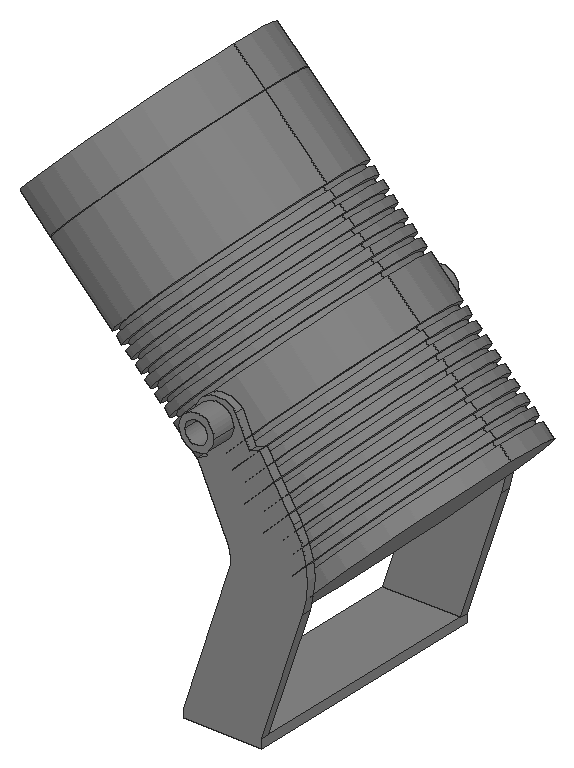
Revit family "RAY-R89", category Осветительные приборы, Revit 2017
Family settings
  Размер круглого соединителя = Использовать диаметр
  Тип детали = Нормальный
  На основе рабочей плоскости = Нет
  Всегда вертикально = Да
  При загрузке вырезать с полостями = Нет
  Источник света = Да
  Общий = Нет
  Точка расчета площади = Нет
Parameters (values of type "030342 Светильник ALT-RAY-R89-25W White6000 (DG, 24 deg, 230V)")
  built-in parameter 1150104 = 13.8 (stored number, unit not read)
  built-in parameter 1150134 = 5
  Файл фотометрической сетки = "030342 ALT-RAY-R89-25W White6000 (DG, 24 deg, 230V).ies"
  Угол света [instance] = 90.00° - Угол  # 45.00°
  Угол поворота [instance] = 45.00°
  Tilt Angle = 90.00°
  Угол [instance] = if(or(Угол поворота < -45.00°, Угол поворота > 200.00°), 45.00°, Угол поворота)  # 45.00°
  built-in parameter 1150137 = (empty or 0)
  built-in parameter 1150132 = 2
  built-in parameter 1150114 = 1 (stored number, unit not read)
  Dimming Lamp Color Temperature Shift = (empty or 0)
  built-in parameter 1150105 = 167.11 (stored number, unit not read)
  Color Filter = 16777215
  Lumens = 2100 lm
  Разработчик (телефон) = "+7 (495) 781-05-35"  # constant formula
  Разработчик (e-mail) = "info@constructor.ru"  # constant formula
  Разработчик (URL) = "https://constructor.ru/"  # constant formula
  Разработчик = "НТЦ Конструктор"  # constant formula
  built-in parameter 1150109 = 1 (stored number, unit not read)
  built-in parameter 1150112 = 1 (stored number, unit not read)
  built-in parameter 1150110 = 1 (stored number, unit not read)
  built-in parameter 1150113 = 1 (stored number, unit not read)
  built-in parameter 1150115 = 1 (stored number, unit not read)
  built-in parameter 1114218 = 1 (stored number, unit not read)
  built-in parameter 1114217 = 1 (stored number, unit not read)
  Apparent Load = ADSK_Номинальная мощность / ADSK_Коэффициент мощности  # 26.0417 VA
  built-in parameter 1150106 = 1.6711 (stored number, unit not read)
  Описание = "Уличный светодиодный светильник, мощность 25Вт, угол освещения 24°. Цвет ДНЕВНОЙ 4000К, световой поток 2100лм. Влагозащищенный корпус IP67 - темно-серый алюминий, экран из закаленного стекла. Угол поворота корпуса в вертикальной плоскости 135°. Питание 230В, мощность 25 Вт. Размеры DxH - Ø89x145мм. В комплекте 1м провод"
  built-in parameter 1150133 = 10 (stored number, unit not read)
  Wattage = 14.1374 W
  built-in parameter 1150139 = (empty or 0)
  Контакты ООО "Арлайт РУС" для получения счёта = "roman@transistor.ru, T +7 495 926 56 50 (доб.1115), моб. +7 (925) 871-32-07"  # constant formula
  Комментарии к типоразмеру = "Арт. 030342"
  built-in parameter 1150138 = (empty or 0)
  built-in parameter 1150107 = 6000 (stored number, unit not read)
  built-in parameter 1150102 = (empty or 0)
  Emit from Circle Diameter = 67.55 mm
  Изготовитель (телефон) = "8 800 505 26 29"  # constant formula
  Изготовитель (сайт) = "www.arlight.ru"  # constant formula
  Изготовитель = "ARLIGHT"  # constant formula
  Группа модели = "Светильники"  # constant formula
  Видимая форма излучения при визуализации = no
  URL = "https://arlight.ru/search/index.php?q=ray-r89"
  ARL_Цвет свечения = "Белый 6000K"
  ARL_Цвет покрытия = "Темно-серый"
  ARL_Угол обзора = "24°"
  ARL_Тип товара = "Светильник"
  ARL_Способ монтажа = "Кронштейн"
  ARL_Серия = "RAY"
  ARL_Рабочая температура окружающей среды = "-40…+60"
  ARL_Обозначение корпуса = "Корпус круглый, алюминий, цвет темно-серый"
  ARL_Область использования = "Для ландшафтного освещения парковых и садовых дорожек, придомовых территорий, а также декоративной подсветки фасадов"
  ARL_Материал корпуса = Металл, темно-серый
  ARL_Класс пылевлагозащиты = "IP67"
  ARL_Класс защиты от поражения электрическим током = "I"
  ARL_Индекс цветопередачи = ">80"
  ARL_Драйвер = "Встроенный"
  ADSK_Ток = ADSK_Номинальная мощность / (ADSK_Коэффициент мощности * ADSK_Напряжение * sqrt(ADSK_Количество фаз числовое))  # 0.113225 A
  ADSK_Размер_Длина = 145 mm
  ADSK_Размер_Диаметр = 89 mm
  ADSK_Размер_Высота = 146 mm
  ADSK_Примечание = ""
  ADSK_Полная мощность = ADSK_Номинальная мощность / ADSK_Коэффициент мощности  # 26.0417 VA
  ADSK_Позиция = ""
  ADSK_Номинальная мощность = 25 W
  ADSK_Напряжение = 230 V
  ADSK_Наименование = "Светильник"
  ADSK_Масса_Текст = "1.37"
  ADSK_Марка = "ALT-RAY-R89-25W White6000"
  ADSK_Коэффициент мощности = 0.96
  ADSK_Количество фаз числовое = 1
  ADSK_Количество фаз = 1
  ADSK_Код изделия = Комментарии к типоразмеру  # "Арт. 030342"
  ADSK_Классификация нагрузок = Освещение
  ADSK_Завод-изготовитель = Изготовитель  # "ARLIGHT"
  ADSK_Единица измерения = "шт."
Types (3, lengths in mm): name | built-in parameter 1150134 | Файл фотометрической сетки | built-in parameter 1150105 | Lumens | built-in parameter 1150106 | Описание | Wattage | Комментарии к типоразмеру | built-in parameter 1150107 | URL | ARL_Цвет свечения | ARL_Рабочая температура окружающей среды | ADSK_Марка | ADSK_Код изделия
  029699 Светильник ALT-RAY-R89-25W Day4000 (DG, 24 deg, 230V) | 12 | "029699 ALT-RAY-R89-25W Day4000 (DG, 24 deg, 230V).ies" | 167.11 (stored number, unit not read) | 2100 lm | 1.6711 (stored number, unit not read) | "Уличный светодиодный светильник, мощность 25 Вт, угол освещения 24°. Цвет ДНЕВНОЙ 4000К, световой поток 2100лм. Влагозащищенный корпус IP67 - темно-серый алюминий, экран из закаленного стекла. Угол поворота корпуса в вертикальной плоскости 135°. Питание 230 В, мощность 25 Вт. Размеры DxH - Ø89x145 мм. В комплекте 1 м провод" | 14.1374 W | "Арт. 029699" | 4000 (stored number, unit not read) | "https://arlight.ru/catalog/product/svetilnik-alt-ray-r89-25w-day4000-dg-24-deg-230v-029699/" | "Дневной 4000K" | "-40...+60 °C" | "ALT-RAY-R89-25W Day4000" | "Арт. 029699"
  026448 Светильник ALT-RAY-R89-25W Warm3000 (DG, 24 deg, 230V) | (empty or 0) | "026448 ALT-RAY-R89-25W Warm3000 (DG, 24 deg, 230V).ies" | 156.37 (stored number, unit not read) | 1965 lm | 1.5637 (stored number, unit not read) | "Уличный светодиодный светильник, мощность 25 Вт, угол освещения 24°. Цвет ТЕПЛЫЙ 3000К, световой поток 1965лм. Влагозащищенный корпус IP67 - темно-серый алюминий, экран из закаленного стекла. Угол поворота корпуса в вертикальной плоскости 135°. Питание 230 В, мощность 25 Вт. Размеры DxH - Ø89x145 мм. В комплекте 1 м провод" | 13.2286 W | "Арт. 026448" | 3000 (stored number, unit not read) | "https://arlight.ru/catalog/product/svetilnik-alt-ray-r89-25w-warm3000-dg-24-deg-230v-026448/" | "Теплый 3000K" | "-40...+60 °C" | "ALT-RAY-R89-25W Warm3000" | "Арт. 026448"
  030342 Светильник ALT-RAY-R89-25W White6000 (DG, 24 deg, 230V) | 5 | "030342 ALT-RAY-R89-25W White6000 (DG, 24 deg, 230V).ies" | 167.11 (stored number, unit not read) | 2100 lm | 1.6711 (stored number, unit not read) | "Уличный светодиодный светильник, мощность 25Вт, угол освещения 24°. Цвет ДНЕВНОЙ 4000К, световой поток 2100лм. Влагозащищенный корпус IP67 - темно-серый алюминий, экран из закаленного стекла. Угол поворота корпуса в вертикальной плоскости 135°. Питание 230В, мощность 25 Вт. Размеры DxH - Ø89x145мм. В комплекте 1м провод" | 14.1374 W | "Арт. 030342" | 6000 (stored number, unit not read) | "https://arlight.ru/search/index.php?q=ray-r89" | "Белый 6000K" | "-40…+60" | "ALT-RAY-R89-25W White6000" | "Арт. 030342"
Reference planes
  plane 1 "По центру (Вперед/Назад)": y = 0
  plane 2: z = 0
  plane 3 "По центру (Влево/Вправо)": x = 0
  plane 4: x = -145
  plane 5: y = 44.5
  plane 6: y = -44.5
  plane 7: z = 146
  plane 8: z = 101.5
  plane 9: z = 102.628
  plane 10: through (-54.092, 0, 105.621) normal (-0.7071, 0, 0.7071)
  plane 11: x = -58.681
Forms (mm)
  Extrusion 1, solid, material "Металл, темно-серый", detail levels medium+fine
    sketch origin (-72.5, 0, 0) x (1, 0, 0) y (0, 0, 1)
      loop
        line (7.902, 99.14) -> (12.275, 89.761) -> (8.45, 87.978) -> (19.787, 63.666)
        arc (19.787, 63.666) -> (20.924, 59.105) -> (20.27, 54.45) r 12.318
        line (20.27, 54.45) -> (3.605, 3) -> (3.605, 0) -> (32.17, 0) -> (32.17, 3) -> (47.475, 49.55)
        arc (47.475, 49.55) -> (49.104, 64.248) -> (44.285, 78.228) r 33.701
        line (44.285, 78.228) -> (31.6, 98.772) -> (27.776, 96.989) -> (22.77, 107.724)
        arc (22.77, 107.724) -> (11.776, 109.598) -> (7.902, 99.14) r 8.735
    from 47.5 to 44.5
  Extrusion 2, solid, material "Металл, темно-серый", detail levels medium+fine
    sketch origin (-72.5, 0, 0) x (1, 0, 0) y (0, 1, 0)
      loop
        line (3.605, 44.5) -> (3.605, -44.5) -> (32.17, -44.5) -> (32.17, 44.5) -> (3.605, 44.5)
    from 0 to 3
  Extrusion 3, solid, material "Металл, темно-серый", detail levels medium+fine
    sketch origin (-72.5, 0, 0) x (1, 0, 0) y (0, 0, -1)
      loop
        arc (7.902, -99.14) -> (11.776, -109.598) -> (22.77, -107.724) r 8.735
        line (22.77, -107.724) -> (27.776, -96.989) -> (31.6, -98.772) -> (44.285, -78.228)
        arc (44.285, -78.228) -> (49.104, -64.248) -> (47.475, -49.55) r 33.701
        line (47.475, -49.55) -> (32.17, -3) -> (32.17, 0) -> (3.605, 0) -> (3.605, -3) -> (20.27, -54.45)
        arc (20.27, -54.45) -> (20.924, -59.105) -> (19.787, -63.666) r 12.318
        line (19.787, -63.666) -> (8.45, -87.978) -> (12.275, -89.761) -> (7.902, -99.14)
    from 47.5 to 44.5
  Extrusion 4, solid, material "Металл, темно-серый", detail levels fine
    sketch origin (-72.5, 0, 0) x (1, 0, 0) y (0, 0, 1)
      loop
        circle (15.415, 102.628) r 6.441
      loop
        circle (15.415, 102.628) r 4.232
    from 47.5 to 56.5
  Extrusion 5, solid, material "Металл, темно-серый", detail levels fine
    sketch origin (-72.5, 0, 0) x (1, 0, 0) y (0, 0, -1)
      loop
        circle (15.415, -102.628) r 6.441
      loop
        circle (15.415, -102.628) r 4.232
    from 47.5 to 56.5
  Extrusion 6, solid, material "Металл, темно-серый" <- "ARL_Материал корпуса", detail levels fine
    sketch origin (-54.092, 0, 105.621) x (0.707107, 0, 0.707107) y (0, 1, 0)
      loop
        circle (-5.361, 0) r 44.5
    from -57.085 to 71.937
  Extrusion 7, solid, material "Металл, темно-серый" <- "ARL_Материал корпуса", detail levels medium+fine
    sketch origin (-54.092, 0, 105.621) x (0.707107, 0, 0.707107) y (0, 1, 0)
      loop
        circle (-5.361, 0) r 44.5
      loop
        circle (-5.361, 0) r 33.77
    from 71.937 to 87.915
  Extrusion 8, solid, material "Стекло, белое, высокой яркости", detail levels fine
    sketch origin (-54.092, 0, 105.621) x (0.707107, 0, 0.707107) y (0, 1, 0)
      loop
        circle (-5.361, 0) r 33.77
    from 71.937 to 79.926
  Extrusion 9, void
    sketch origin (-54.092, 0, 105.621) x (0.707107, 0, 0.707107) y (0, 1, 0)
      loop
        circle (-5.361, 0) r 44.5
      loop
        circle (-5.361, 0) r 42.5
    from -51.185 to -49.185
  Extrusion 10, void
    sketch origin (-54.092, 0, 105.621) x (0.707107, 0, 0.707107) y (0, 1, 0)
      loop
        circle (-5.361, 0) r 44.5
      loop
        circle (-5.361, 0) r 42.5
    from -46.185 to -44.185
  Extrusion 11, void
    sketch origin (-54.092, 0, 105.621) x (0.707107, 0, 0.707107) y (0, 1, 0)
      loop
        circle (-5.361, 0) r 44.5
      loop
        circle (-5.361, 0) r 42.5
    from -41.185 to -39.185
  Extrusion 12, void
    sketch origin (-54.092, 0, 105.621) x (0.707107, 0, 0.707107) y (0, 1, 0)
      loop
        circle (-5.361, 0) r 44.5
      loop
        circle (-5.361, 0) r 42.5
    from -36.185 to -34.185
  Extrusion 13, void
    sketch origin (-54.092, 0, 105.621) x (0.707107, 0, 0.707107) y (0, 1, 0)
      loop
        circle (-5.361, 0) r 44.5
      loop
        circle (-5.361, 0) r 42.5
    from -31.185 to -29.185
  Extrusion 14, void
    sketch origin (-54.092, 0, 105.621) x (0.707107, 0, 0.707107) y (0, 1, 0)
      loop
        circle (-5.361, 0) r 44.5
      loop
        circle (-5.361, 0) r 42.5
    from -26.185 to -24.185
  Extrusion 15, void
    sketch origin (-54.092, 0, 105.621) x (0.707107, 0, 0.707107) y (0, 1, 0)
      loop
        circle (-5.361, 0) r 44.5
      loop
        circle (-5.361, 0) r 42.5
    from -21.185 to -19.185
  Extrusion 16, void
    sketch origin (-54.092, 0, 105.621) x (0.707107, 0, 0.707107) y (0, 1, 0)
      loop
        circle (-5.361, 0) r 44.5
      loop
        circle (-5.361, 0) r 42.5
    from -16.185 to -14.185
  Extrusion 17, void
    sketch origin (-54.092, 0, 105.621) x (0.707107, 0, 0.707107) y (0, 1, 0)
      loop
        circle (-5.361, 0) r 44.5
      loop
        circle (-5.361, 0) r 42.5
    from -11.185 to -9.185
  Extrusion 18, void
    sketch origin (-54.092, 0, 105.621) x (0.707107, 0, 0.707107) y (0, 1, 0)
      loop
        circle (-5.361, 0) r 44.5
      loop
        circle (-5.361, 0) r 42.5
    from 9.515 to 7.513
  Extrusion 19, void
    sketch origin (-54.092, 0, 105.621) x (0.707107, 0, 0.707107) y (0, 1, 0)
      loop
        circle (-5.361, 0) r 44.5
      loop
        circle (-5.361, 0) r 42.5
    from 14.515 to 12.515
  Extrusion 20, void
    sketch origin (-54.092, 0, 105.621) x (0.707107, 0, 0.707107) y (0, 1, 0)
      loop
        circle (-5.361, 0) r 44.5
      loop
        circle (-5.361, 0) r 42.5
    from 19.515 to 17.515
  Extrusion 21, void
    sketch origin (-54.092, 0, 105.621) x (0.707107, 0, 0.707107) y (0, 1, 0)
      loop
        circle (-5.361, 0) r 44.5
      loop
        circle (-5.361, 0) r 42.5
    from 24.515 to 22.515
  Extrusion 22, void
    sketch origin (-54.092, 0, 105.621) x (0.707107, 0, 0.707107) y (0, 1, 0)
      loop
        circle (-5.361, 0) r 44.5
      loop
        circle (-5.361, 0) r 42.5
    from 29.515 to 27.515
  Extrusion 23, void
    sketch origin (-54.092, 0, 105.621) x (0.707107, 0, 0.707107) y (0, 1, 0)
      loop
        circle (-5.361, 0) r 44.5
      loop
        circle (-5.361, 0) r 42.5
    from 34.515 to 32.515
  Extrusion 24, void
    sketch origin (-54.092, 0, 105.621) x (0.707107, 0, 0.707107) y (0, 1, 0)
      loop
        circle (-5.361, 0) r 44.5
      loop
        circle (-5.361, 0) r 42.5
    from 39.515 to 37.515
  Extrusion 25, solid, material "Металл, темно-серый" <- "ARL_Материал корпуса", detail levels medium
    sketch origin (-54.092, 0, 105.621) x (0.707107, 0, 0.707107) y (0, 1, 0)
      loop
        circle (-5.361, 0) r 44.5
    from -57.085 to 71.937
  Extrusion 26, solid, material "Металл, темно-серый", detail levels coarse
    sketch origin (-72.5, 0, 0) x (1, 0, 0) y (0, 0, 1)
      loop
        line (7.902, 99.14) -> (12.275, 89.761) -> (8.45, 87.978) -> (19.787, 63.666)
        arc (19.787, 63.666) -> (20.924, 59.105) -> (20.27, 54.45) r 12.318
        line (20.27, 54.45) -> (3.605, 3) -> (3.605, 0) -> (32.17, 0) -> (32.17, 3) -> (47.475, 49.55)
        arc (47.475, 49.55) -> (49.104, 64.248) -> (44.285, 78.228) r 33.701
        line (44.285, 78.228) -> (31.6, 98.772) -> (27.776, 96.989) -> (22.77, 107.724)
        arc (22.77, 107.724) -> (11.776, 109.598) -> (7.902, 99.14) r 8.735
    from 47.5 to 44.5
  Extrusion 27, solid, material "Металл, темно-серый", detail levels coarse
    sketch origin (-72.5, 0, 0) x (1, 0, 0) y (0, 1, 0)
      loop
        line (3.605, 44.5) -> (3.605, -44.5) -> (32.17, -44.5) -> (32.17, 44.5) -> (3.605, 44.5)
    from 0 to 3
  Extrusion 28, solid, material "Металл, темно-серый", detail levels coarse
    sketch origin (-72.5, 0, 0) x (1, 0, 0) y (0, 0, -1)
      loop
        arc (7.902, -99.14) -> (11.776, -109.598) -> (22.77, -107.724) r 8.735
        line (22.77, -107.724) -> (27.776, -96.989) -> (31.6, -98.772) -> (44.285, -78.228)
        arc (44.285, -78.228) -> (49.104, -64.248) -> (47.475, -49.55) r 33.701
        line (47.475, -49.55) -> (32.17, -3) -> (32.17, 0) -> (3.605, 0) -> (3.605, -3) -> (20.27, -54.45)
        arc (20.27, -54.45) -> (20.924, -59.105) -> (19.787, -63.666) r 12.318
        line (19.787, -63.666) -> (8.45, -87.978) -> (12.275, -89.761) -> (7.902, -99.14)
    from 47.5 to 44.5
  Extrusion 29, solid, material "Металл, темно-серый" <- "ARL_Материал корпуса", detail levels coarse
    sketch origin (-54.092, 0, 105.621) x (0.707107, 0, 0.707107) y (0, 1, 0)
      loop
        circle (-5.361, 0) r 44.5
      loop
        circle (-5.361, 0) r 33.77
    from 71.937 to 87.915
  Extrusion 30, solid, material "Металл, темно-серый" <- "ARL_Материал корпуса", detail levels coarse
    sketch origin (-54.092, 0, 105.621) x (0.707107, 0, 0.707107) y (0, 1, 0)
      loop
        circle (-5.361, 0) r 44.5
    from -57.085 to 71.937
Cuts and joins
  joined: Extrusion 1, Extrusion 2, Extrusion 3
  Extrusion 9, Extrusion 10, Extrusion 11, Extrusion 12, Extrusion 13, Extrusion 14, Extrusion 15, Extrusion 16, Extrusion 17, Extrusion 18, Extrusion 19, Extrusion 20, Extrusion 21, Extrusion 22, Extrusion 23, Extrusion 24 cuts Extrusion 6
Lines and regions (mm)
  model lines, style "InvisibleLines"
    curve 1: line (-120.048, 0, 163.996) -> (-58.681, 0, 102.628)
Dimensions and locks
  "ADSK_Размер_Высота": plane 7 to plane 2
  "ADSK_Размер_Диаметр": plane 5 to plane 6
  equal spacing: plane 5, plane 1 "По центру (Вперед/Назад)", plane 6
  "ADSK_Размер_Длина": plane 4 to plane 3 "По центру (Влево/Вправо)"
  "ADSK_Размер_Диаметр": diameter of Extrusion 6 sketch curve
  "ADSK_Размер_Диаметр": diameter of Extrusion 7 sketch curve
  "ADSK_Размер_Диаметр": diameter of Extrusion 25 sketch curve
  "ADSK_Размер_Диаметр": diameter of Extrusion 29 sketch curve
  "ADSK_Размер_Диаметр": diameter of Extrusion 30 sketch curve
  "Угол света": angle imposter light to plane 11
  "Угол света": angle curve 1 to plane 11
  "Угол": angle plane 11 to plane 10
  aligned and locked: level to plane 2
  aligned and locked: Extrusion 1 to plane 6
  aligned and locked: imposter light to curve 1
Automatic sketch dimensions
  curve 1 to plane 9 = 0 mm
  Extrusion 1 sketch curve to level = 0 mm
  level to Extrusion 1 sketch curve = 3 mm  (x2)
  Extrusion 1 sketch curve to plane 11 = 10.215 mm
  Extrusion 1 sketch curve to plane 11 = 5.918 mm
  Extrusion 1 sketch curve to plane 11 = 5.369 mm
  Extrusion 1 sketch curve to plane 11 = 5.196 mm
  Extrusion 1 sketch curve to plane 11 = 1.544 mm
  plane 11 to Extrusion 1 sketch curve = 1.79 mm
  plane 8 to Extrusion 1 sketch curve = 0.533 mm
  plane 11 to Extrusion 1 sketch curve = 2.324 mm
  Extrusion 1 sketch curve to Extrusion 1 sketch curve = 4.178 mm
  plane 11 to Extrusion 1 sketch curve = 6.451 mm
  plane 9 to Extrusion 1 sketch curve = 5.096 mm
  Extrusion 1 sketch curve to Extrusion 1 sketch curve = 6.626 mm
  Extrusion 1 sketch curve to plane 8 = 4.511 mm
  Extrusion 1 sketch curve to Extrusion 1 sketch curve = 5.006 mm
  Extrusion 1 sketch curve to plane 8 = 2.728 mm
  plane 11 to Extrusion 1 sketch curve = 18.351 mm
  Extrusion 1 sketch curve to Extrusion 1 sketch curve = 12.685 mm
  Extrusion 1 sketch curve to plane 3 "По центру (Влево/Вправо)" = 25.025 mm
  Extrusion 1 sketch curve to Extrusion 1 sketch curve = 46.55 mm
  Extrusion 1 sketch curve to Extrusion 1 sketch curve = 4.9 mm
  Extrusion 1 sketch curve to Extrusion 1 sketch curve = 4.01 mm
  Extrusion 1 sketch curve to Extrusion 1 sketch curve = 3.144 mm
  Extrusion 2 sketch curve to plane 6 = 0 mm
  Extrusion 2 sketch curve to plane 5 = 0 mm
  Extrusion 2 sketch curve to plane 11 = 10.215 mm
  plane 11 to Extrusion 2 sketch curve = 18.351 mm
  Extrusion 3 sketch curve to level = 0 mm
  level to Extrusion 3 sketch curve = 3 mm  (x2)
  Extrusion 3 sketch curve to plane 11 = 10.215 mm
  Extrusion 3 sketch curve to plane 11 = 5.918 mm
  Extrusion 3 sketch curve to plane 11 = 5.369 mm
  Extrusion 3 sketch curve to plane 11 = 5.196 mm
  Extrusion 3 sketch curve to plane 11 = 1.544 mm
  plane 11 to Extrusion 3 sketch curve = 1.79 mm
  plane 8 to Extrusion 3 sketch curve = 0.533 mm
  plane 11 to Extrusion 3 sketch curve = 2.324 mm
  Extrusion 3 sketch curve to Extrusion 3 sketch curve = 4.178 mm
  plane 11 to Extrusion 3 sketch curve = 6.451 mm
  plane 9 to Extrusion 3 sketch curve = 5.096 mm
  Extrusion 3 sketch curve to Extrusion 3 sketch curve = 6.626 mm
  Extrusion 3 sketch curve to plane 8 = 4.511 mm
  Extrusion 3 sketch curve to Extrusion 3 sketch curve = 5.006 mm
  Extrusion 3 sketch curve to plane 8 = 2.728 mm
  plane 11 to Extrusion 3 sketch curve = 18.351 mm
  Extrusion 3 sketch curve to Extrusion 3 sketch curve = 12.685 mm
  Extrusion 3 sketch curve to plane 3 "По центру (Влево/Вправо)" = 25.025 mm
  Extrusion 3 sketch curve to Extrusion 3 sketch curve = 9.379 mm
  Extrusion 3 sketch curve to plane 8 = 23.272 mm
  Extrusion 3 sketch curve to Extrusion 3 sketch curve = 3.144 mm
  Extrusion 3 sketch curve to Extrusion 3 sketch curve = 2.062 mm
  Extrusion 4 sketch curve to Extrusion 4 sketch curve = 0 mm  (x6)
  Extrusion 4 sketch curve to plane 9 = 0 mm
  plane 10 to Extrusion 4 sketch curve = 0 mm
  Extrusion 4 sketch curve to plane 11 = 4.845 mm
  Extrusion 5 sketch curve to Extrusion 5 sketch curve = 0 mm  (x6)
  Extrusion 5 sketch curve to plane 9 = 0 mm
  plane 10 to Extrusion 5 sketch curve = 0 mm
  Extrusion 5 sketch curve to plane 11 = 4.845 mm
  plane 1 "По центру (Вперед/Назад)" to Extrusion 6 sketch curve = 0 mm
  Extrusion 7 sketch curve to Extrusion 7 sketch curve = 0 mm  (x2)
  plane 1 "По центру (Вперед/Назад)" to Extrusion 7 sketch curve = 0 mm
  plane 1 "По центру (Вперед/Назад)" to Extrusion 8 sketch curve = 0 mm
  Extrusion 9 sketch curve to Extrusion 9 sketch curve = 0 mm  (x2)
  plane 1 "По центру (Вперед/Назад)" to Extrusion 9 sketch curve = 0 mm
  Extrusion 10 sketch curve to Extrusion 10 sketch curve = 0 mm  (x2)
  plane 1 "По центру (Вперед/Назад)" to Extrusion 10 sketch curve = 0 mm
  Extrusion 11 sketch curve to Extrusion 11 sketch curve = 0 mm  (x2)
  plane 1 "По центру (Вперед/Назад)" to Extrusion 11 sketch curve = 0 mm
  Extrusion 12 sketch curve to Extrusion 12 sketch curve = 0 mm  (x2)
  plane 1 "По центру (Вперед/Назад)" to Extrusion 12 sketch curve = 0 mm
  Extrusion 13 sketch curve to Extrusion 13 sketch curve = 0 mm  (x2)
  plane 1 "По центру (Вперед/Назад)" to Extrusion 13 sketch curve = 0 mm
  Extrusion 14 sketch curve to Extrusion 14 sketch curve = 0 mm  (x2)
  plane 1 "По центру (Вперед/Назад)" to Extrusion 14 sketch curve = 0 mm
  Extrusion 15 sketch curve to Extrusion 15 sketch curve = 0 mm  (x2)
  plane 1 "По центру (Вперед/Назад)" to Extrusion 15 sketch curve = 0 mm
  Extrusion 16 sketch curve to Extrusion 16 sketch curve = 0 mm  (x2)
  plane 1 "По центру (Вперед/Назад)" to Extrusion 16 sketch curve = 0 mm
  Extrusion 17 sketch curve to Extrusion 17 sketch curve = 0 mm  (x2)
  plane 1 "По центру (Вперед/Назад)" to Extrusion 17 sketch curve = 0 mm
  Extrusion 18 sketch curve to Extrusion 18 sketch curve = 0 mm  (x2)
  plane 1 "По центру (Вперед/Назад)" to Extrusion 18 sketch curve = 0 mm
  Extrusion 19 sketch curve to Extrusion 19 sketch curve = 0 mm  (x2)
  plane 1 "По центру (Вперед/Назад)" to Extrusion 19 sketch curve = 0 mm
  Extrusion 20 sketch curve to Extrusion 20 sketch curve = 0 mm  (x2)
  plane 1 "По центру (Вперед/Назад)" to Extrusion 20 sketch curve = 0 mm
  Extrusion 21 sketch curve to Extrusion 21 sketch curve = 0 mm  (x2)
  plane 1 "По центру (Вперед/Назад)" to Extrusion 21 sketch curve = 0 mm
  Extrusion 22 sketch curve to Extrusion 22 sketch curve = 0 mm  (x2)
  plane 1 "По центру (Вперед/Назад)" to Extrusion 22 sketch curve = 0 mm
  Extrusion 23 sketch curve to Extrusion 23 sketch curve = 0 mm  (x2)
  plane 1 "По центру (Вперед/Назад)" to Extrusion 23 sketch curve = 0 mm
  Extrusion 24 sketch curve to Extrusion 24 sketch curve = 0 mm  (x2)
  plane 1 "По центру (Вперед/Назад)" to Extrusion 24 sketch curve = 0 mm
  plane 1 "По центру (Вперед/Назад)" to Extrusion 25 sketch curve = 0 mm
  Extrusion 26 sketch curve to level = 0 mm
  level to Extrusion 26 sketch curve = 3 mm  (x2)
  Extrusion 26 sketch curve to plane 11 = 10.215 mm
  Extrusion 26 sketch curve to plane 11 = 5.918 mm
  Extrusion 26 sketch curve to plane 11 = 5.369 mm
  Extrusion 26 sketch curve to plane 11 = 5.196 mm
  Extrusion 26 sketch curve to plane 11 = 1.544 mm
  plane 11 to Extrusion 26 sketch curve = 1.79 mm
  plane 8 to Extrusion 26 sketch curve = 0.533 mm
  plane 11 to Extrusion 26 sketch curve = 2.324 mm
  Extrusion 26 sketch curve to Extrusion 26 sketch curve = 4.178 mm
  plane 11 to Extrusion 26 sketch curve = 6.451 mm
  plane 9 to Extrusion 26 sketch curve = 5.096 mm
  Extrusion 26 sketch curve to Extrusion 26 sketch curve = 6.626 mm
  Extrusion 26 sketch curve to plane 8 = 4.511 mm
  Extrusion 26 sketch curve to Extrusion 26 sketch curve = 5.006 mm
  Extrusion 26 sketch curve to plane 8 = 2.728 mm
  plane 11 to Extrusion 26 sketch curve = 18.351 mm
  Extrusion 26 sketch curve to Extrusion 26 sketch curve = 12.685 mm
  Extrusion 26 sketch curve to plane 3 "По центру (Влево/Вправо)" = 25.025 mm
  Extrusion 26 sketch curve to Extrusion 26 sketch curve = 46.55 mm
  Extrusion 26 sketch curve to Extrusion 26 sketch curve = 4.9 mm
  Extrusion 26 sketch curve to Extrusion 26 sketch curve = 4.01 mm
  Extrusion 26 sketch curve to Extrusion 26 sketch curve = 3.144 mm
  Extrusion 27 sketch curve to plane 6 = 0 mm
  Extrusion 27 sketch curve to plane 5 = 0 mm
  Extrusion 27 sketch curve to plane 11 = 10.215 mm
  plane 11 to Extrusion 27 sketch curve = 18.351 mm
  Extrusion 28 sketch curve to level = 0 mm
  level to Extrusion 28 sketch curve = 3 mm  (x2)
  Extrusion 28 sketch curve to plane 11 = 10.215 mm
  Extrusion 28 sketch curve to plane 11 = 5.918 mm
  Extrusion 28 sketch curve to plane 11 = 5.369 mm
  Extrusion 28 sketch curve to plane 11 = 5.196 mm
  Extrusion 28 sketch curve to plane 11 = 1.544 mm
  plane 11 to Extrusion 28 sketch curve = 1.79 mm
  plane 8 to Extrusion 28 sketch curve = 0.533 mm
  plane 11 to Extrusion 28 sketch curve = 2.324 mm
  Extrusion 28 sketch curve to Extrusion 28 sketch curve = 4.178 mm
  plane 11 to Extrusion 28 sketch curve = 6.451 mm
  plane 9 to Extrusion 28 sketch curve = 5.096 mm
  Extrusion 28 sketch curve to Extrusion 28 sketch curve = 6.626 mm
  Extrusion 28 sketch curve to plane 8 = 4.511 mm
  Extrusion 28 sketch curve to Extrusion 28 sketch curve = 5.006 mm
  Extrusion 28 sketch curve to plane 8 = 2.728 mm
  plane 11 to Extrusion 28 sketch curve = 18.351 mm
  Extrusion 28 sketch curve to Extrusion 28 sketch curve = 12.685 mm
  Extrusion 28 sketch curve to plane 3 "По центру (Влево/Вправо)" = 25.025 mm
  Extrusion 28 sketch curve to Extrusion 28 sketch curve = 9.379 mm
  Extrusion 28 sketch curve to plane 8 = 23.272 mm
  Extrusion 28 sketch curve to Extrusion 28 sketch curve = 3.144 mm
  Extrusion 28 sketch curve to Extrusion 28 sketch curve = 2.062 mm
  Extrusion 29 sketch curve to Extrusion 29 sketch curve = 0 mm  (x2)
  plane 1 "По центру (Вперед/Назад)" to Extrusion 29 sketch curve = 0 mm
  plane 1 "По центру (Вперед/Назад)" to Extrusion 30 sketch curve = 0 mm
  radius of Extrusion 4 sketch curve = 4.232 mm
  radius of Extrusion 5 sketch curve = 4.232 mm
  radius of Extrusion 7 sketch curve = 33.77 mm
  radius of Extrusion 8 sketch curve = 33.77 mm
  radius of Extrusion 9 sketch curve = 44.5 mm
  radius of Extrusion 9 sketch curve = 42.5 mm
  radius of Extrusion 10 sketch curve = 44.5 mm
  radius of Extrusion 10 sketch curve = 42.5 mm
  radius of Extrusion 11 sketch curve = 44.5 mm
  radius of Extrusion 11 sketch curve = 42.5 mm
  radius of Extrusion 12 sketch curve = 44.5 mm
  radius of Extrusion 12 sketch curve = 42.5 mm
  radius of Extrusion 13 sketch curve = 44.5 mm
  radius of Extrusion 13 sketch curve = 42.5 mm
  radius of Extrusion 14 sketch curve = 44.5 mm
  radius of Extrusion 14 sketch curve = 42.5 mm
  radius of Extrusion 15 sketch curve = 44.5 mm
  radius of Extrusion 15 sketch curve = 42.5 mm
  radius of Extrusion 16 sketch curve = 44.5 mm
  radius of Extrusion 16 sketch curve = 42.5 mm
  radius of Extrusion 17 sketch curve = 44.5 mm
  radius of Extrusion 17 sketch curve = 42.5 mm
  radius of Extrusion 18 sketch curve = 44.5 mm
  radius of Extrusion 18 sketch curve = 42.5 mm
  radius of Extrusion 19 sketch curve = 44.5 mm
  radius of Extrusion 19 sketch curve = 42.5 mm
  radius of Extrusion 20 sketch curve = 44.5 mm
  radius of Extrusion 20 sketch curve = 42.5 mm
  radius of Extrusion 21 sketch curve = 44.5 mm
  radius of Extrusion 21 sketch curve = 42.5 mm
  radius of Extrusion 22 sketch curve = 44.5 mm
  radius of Extrusion 22 sketch curve = 42.5 mm
  radius of Extrusion 23 sketch curve = 44.5 mm
  radius of Extrusion 23 sketch curve = 42.5 mm
  radius of Extrusion 24 sketch curve = 44.5 mm
  radius of Extrusion 24 sketch curve = 42.5 mm
  radius of Extrusion 29 sketch curve = 33.77 mm
Nested families
  nested 1: "УГО" at (0, 0, 0), type "УГО", detail levels coarse
Connectors
  electrical at (-17.518, 0, 61.465), driven by "ADSK_Количество фаз", driven by "ADSK_Напряжение", driven by "ADSK_Полная мощность", driven by "ADSK_Коэффициент мощности", driven by "ADSK_Классификация нагрузок"
    settings: on cut or joined group of Extrusion 6, Extrusion 9, Extrusion 10, Extrusion 11, Extrusion 12, Extrusion 13, Extrusion 14, Extrusion 15, Extrusion 16, Extrusion 17, Extrusion 18, Extrusion 19, Extrusion 20, Extrusion 21, Extrusion 22, Extrusion 23, Extrusion 24, index 1, voltage 230 V, apparent load 26.0417 VA, apparent load phase1 0 VA, apparent load phase2 0 VA, apparent load phase3 0 VA, power factor 0.96, load classification "Освещение", number of poles 1, system type 30, power factor state 1, is connector primary yes, connector utility no, sub classification motor no, connector description ""
Definition of nested family "УГО"
  Reference planes
    plane 1: y = 0
    plane 2: x = 0
  Lines and regions (mm)
    detail lines
      curve 1: circle (0, 0, 0) r 2.462 normal (0, 0, 1)
      curve 2: line (1, 2.25, 0) -> (1, -2.25, 0)
      curve 3: line (-1, 2.25, 0) -> (-1, -2.25, 0)
